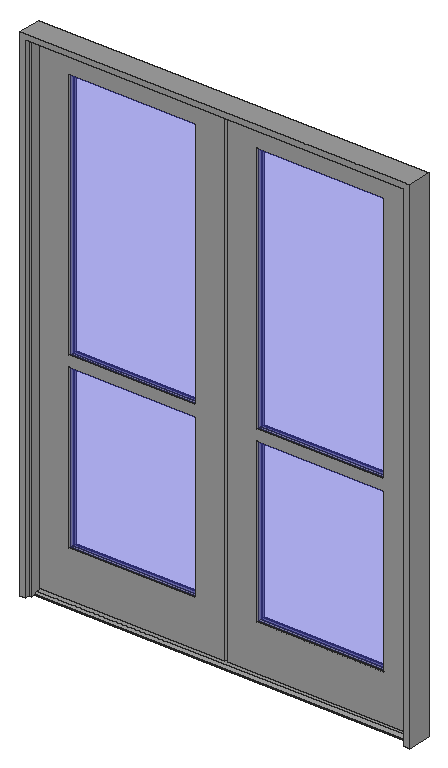
Revit family "WS-500 DOOR-Double-1-CW_v04", category Curtain Panels, Revit 2015
Parameters
  Width [instance] = 6' - 2"
  URL = "obe.com"
  Rough Width [instance] = 6' - 0"
  Panel Width [instance] = Min Panel Width  # 6' - 0"
  Panel Offset [instance] = 0' - 0"
  Offset [instance] = 0' - 0"
  Model = "WS-500 DOOR"
  Min Rough Width [instance] = if(Rough Width > 6' 1 255/256", Rough Width, 6' 2")  # 6' - 2"
  Min Panel Width [instance] = if(Rough Width > 6' 1 255/256", Rough Width - 0' 2", 6' 0")  # 6' - 0"
  Manufacturer = "Oldcastle BuildingEnvelope®"
  Keynote = "08 11 00"
  Hinge [instance] = yes
  Height [instance] = 8' - 0"
  Pushbar Height [instance] = 3' - 5 1/4"  # constant formula
  Glass Material = Glass
  Frame Material = Aluminum
  Door Panel Height [instance] = Height - 0' 0 5/8"  # 7' - 11 3/8"
  Description = "WS-500 - 1\" Door Infill"
  Assembly Code = "B2030"
  Analytic Construction = "<None>"
  8 Muntin [instance] = no
  6.5 Muntin [instance] = no
  10 Bottom Rail [instance] = not([8 Bottom Rail])  # no
  4 Muntin [instance] = no
  8 Bottom Rail [instance] = yes
  1.875 Muntin [instance] = no
  0.5 Muntin [instance] = if(or([1.875 Muntin], [4 Muntin], [6.5 Muntin], [8 Muntin]), 1 = 2, 1 = 1)  # yes
Reference planes (in)
  plane 1 "Front": y = 0
  plane 2: z = 0
  plane 3 "Center (Left/Right)": x = 0
  plane 4 "Left": x = -37
  plane 5 "Right": x = 37
  plane 6 "Top": z = 96
  plane 7 "Offset": y = 0
  plane 8: y = -1.28244
  plane 9: y = -1.28244
  plane 10: x = -37
  plane 11: x = 37
Forms (in)
  Sweep 1, solid, material "Aluminum" <- "Frame Material"
    path origin (0, 0, 0) x (-1, 0, 0) y (0, 0, 1)
      loop
        line (37, 0) -> (37, 96)
    profile origin (-37, 0, 48) x (1, 0, 0) y (0, 1, 0)
      loop
        line (1, -1.97) -> (1, 0) -> (0, 0) -> (0, -4.5) -> (1, -4.5) -> (1, -3.595) -> (1.5, -3.595) -> (1.5, -1.97) -> (1, -1.97)
  Sweep 2, solid, material "Aluminum" <- "Frame Material"
    path origin (0, 0, 0) x (-1, 0, 0) y (0, 0, 1)
      loop
        line (-37, 0) -> (-37, 96)
    profile origin (37, 0, 48) x (1, 0, 0) y (0, 1, 0)
      loop
        line (-1, -1.97) -> (-1.5, -1.97) -> (-1.5, -3.595) -> (-1, -3.595) -> (-1, -4.5) -> (0, -4.5) -> (0, 0) -> (-1, 0) -> (-1, -1.97)
  Extrusion 3, solid, material "Aluminum" <- "Frame Material"
    sketch origin (-37, 0, 0) x (0, -1, 0) y (0, 0, 1)
      loop
        line (1.97, 94.5) -> (3.595, 94.5) -> (3.595, 95) -> (4.5, 95) -> (4.5, 96) -> (0, 96) -> (0, 95) -> (1.97, 95) -> (1.97, 94.5)
    from -74 to 0
Cuts and joins
  joined: Sweep 1, Sweep 2, Extrusion 3
Text (in)
  text "Exterior" at (-54.29358, 31.38743, 0), in view "Ref. Level"
  text "Exterior" at (480, 41.53993, 89.60405), in view "Right"
  text "Exterior" at (-240, 57.82419, 105.78864), in view "Left"
Dimensions and locks (in)
  equal spacing: plane 4 "Left", plane 3 "Center (Left/Right)", plane 5 "Right"
  "Width": plane 4 "Left" to plane 5 "Right"
  "Height": plane 6 "Top" to plane 2
  "Offset": plane 1 "Front" to plane 7 "Offset"
  locked: plane 7 "Offset" to plane 8 at 1.28244
  locked: plane 7 "Offset" to plane 9 at 1.28244
  locked: plane 7 "Offset" to nested 4 at 1.28244
  Extrusion 3 sketch curve to Extrusion 3 sketch curve to Extrusion 3 sketch curve = 0' - 0 1/2" locked, 0' - 0" locked
  nested 1 to Extrusion 3 sketch curve to Extrusion 3 sketch curve to Extrusion 3 sketch curve to Extrusion 3 sketch curve = 0' - 0" locked, 0' - 1.97" locked, 0' - 1 5/8" locked, 0' - 0.905" locked
  locked: Extrusion 3 sketch curve to Extrusion 3 sketch curve at 1
  equal spacing: plane 10, plane 3 "Center (Left/Right)", plane 11
  "Min Rough Width": plane 10 to plane 11
  aligned and locked: level to plane 2
  aligned and locked: plane 3 "Center (Left/Right)" to nested 1
  aligned and locked: nested 1 to plane 7 "Offset"
  aligned and locked: nested 2 to plane 8
  aligned and locked: plane 9 to nested 3
  aligned and locked: plane 6 "Top" to Sweep 1 sketch curve
  aligned and locked: level to Sweep 1 sketch curve
  aligned and locked: plane 6 "Top" to Sweep 2 sketch curve
  aligned and locked: level to Sweep 2 sketch curve
  aligned and locked: plane 6 "Top" to nested 4
  aligned and locked: Extrusion 3 to plane 6 "Top"
  aligned and locked: Extrusion 3 sketch curve to plane 6 "Top"
  aligned and locked: nested 3 to plane 10
  aligned and locked: nested 2 to plane 11
  aligned and locked: Sweep 2 sketch curve to plane 11
  aligned and locked: Sweep 1 sketch curve to plane 10
  aligned and locked: plane 11 to cut or joined group of Sweep 1, Sweep 2, Extrusion 3
  aligned and locked: cut or joined group of Sweep 1, Sweep 2, Extrusion 3 to plane 10
Automatic sketch dimensions
  Sweep 1 sketch curve to profile plane = 0' - 0"
  Sweep 1 sketch curve to plane 7 "Offset" = 0' - 0"
  Sweep 1 sketch curve to profile plane = 0' - 1"  (x2)
  Sweep 1 sketch curve to Sweep 1 sketch curve = 0' - 0 1/2"
  Sweep 1 sketch curve to plane 7 "Offset" = 0' - 1.97"
  Sweep 1 sketch curve to Sweep 1 sketch curve = 0' - 1 5/8"
  Sweep 1 sketch curve to Sweep 1 sketch curve = 0' - 0.905"
  Sweep 2 sketch curve to plane 7 "Offset" = 0' - 0"
  Sweep 2 sketch curve to profile plane = 0' - 0"
  profile plane to Sweep 2 sketch curve = 0' - 1"  (x2)
  Sweep 2 sketch curve to Sweep 2 sketch curve = 0' - 0 1/2"
  Sweep 2 sketch curve to plane 7 "Offset" = 0' - 1.97"
  Sweep 2 sketch curve to Sweep 2 sketch curve = 0' - 1 5/8"
  Sweep 2 sketch curve to Sweep 2 sketch curve = 0' - 0.905"
Nested families (in)
  nested 1: "WS-500 DOOR-Double-1-Panel_v03" at (0, -16, 0), Frame Material <- "Frame Material", Glass Material <- "Glass Material", 0.5 Muntin <- "0.5 Muntin", 1.875 Muntin <- "1.875 Muntin", 4 Muntin <- "4 Muntin", 6.5 Muntin <- "6.5 Muntin", 8 Muntin <- "8 Muntin", Hinge <- "Hinge", Height <- "Door Panel Height", Width <- "Min Panel Width", 8 Bottom Rail <- "8 Bottom Rail", Offset <- "Panel Offset", type "WS-500 DOOR-Double-1-Panel_v03"
    with Wing Width 3' - 0", built-in parameter 1001301 6' - 0", Pushbar Height 3' - 5 1/4", Offset 0' - 0", Hinge yes, built-in parameter 1001300 7' - 11 3/8", Glass at Muntin 0' - 1 7/16", Glass Material Glass, Frame Material Aluminum, Bottom Rail 0' - 9 5/32", 8 Muntin no, 8 Bottom Rail yes, 6.5 Muntin no, 4 Muntin no, 10 Bottom Rail no, 1.875 Muntin no, 0.5 Muntin yes
  nested 2: "2.5x6-RTCIG CW-H8533-DHD-OHD SC-DI" at (37, -1.28244, 0) x (0, -1, 0) z (0, 0, 1), type "2.5x6-RTCIG CW-H8533-DHD-OHD SC-DI"
  nested 3: "2.5x6-RTCIG CW-H8533-DHD-OHD SC-DI" at (-37, -1.28244, 0) x (0, -1, 0) z (0, 0, 1), type "2.5x6-RTCIG CW-H8533-DHD-OHD SC-DI"
  nested 4: "2.5x6-RTCIG CW-H8533-DHD-OHD SC-DI" at (-33, -1.28244, 96) x (0, -1, 0) z (-1, 0, 0), type "2.5x6-RTCIG CW-H8533-DHD-OHD SC-DI"
Definition of nested family "WS-500 DOOR-Double-1-Panel_v03"
  Parameters (values of type "WS-500 DOOR-Double-1-Panel_v03")
    Wing Width [instance] = Width / 2  # 3' - 0"
    Width [instance] = 6' - 0"
    Offset [instance] = 0' - 1"
    Hinge [instance] = yes
    Height [instance] = 8' - 0"
    Glass at Muntin [instance] = if([8 Muntin], 0' 8 15/16", if([6.5 Muntin], 0' 7 7/16", if([4 Muntin], 0' 4 15/16", if([1.875 Muntin], 0' 2 13/16", 0' 1 7/16"))))  # 0' - 1 7/16"
    Pushbar Height [instance] = 3' - 5 1/4"  # constant formula
    Glass Material [instance] = none
    Frame Material [instance] = none
    Bottom Rail [instance] = if([8 Bottom Rail], 0' 9 5/32", 0' 11 5/32")  # 0' - 9 5/32"
    8 Muntin [instance] = no
    6.5 Muntin [instance] = no
    4 Muntin [instance] = no
    8 Bottom Rail [instance] = yes
    10 Bottom Rail [instance] = not([8 Bottom Rail])  # no
    1.875 Muntin [instance] = no
    0.5 Muntin [instance] = if(or([1.875 Muntin], [4 Muntin], [6.5 Muntin], [8 Muntin]), 1 = 2, 1 = 1)  # yes
  Reference planes (in)
    plane 1 "Center": y = 14.0625
    plane 2: z = 0
    plane 3 "Center (Left/Right)": x = 0
    plane 4: z = 96
    plane 5: x = 36
    plane 6: x = -36
    plane 7 "Center (Front/Back)": y = 16
    plane 8 "Exterior": y = 14.5625
    plane 9: z = 48
    plane 10: z = 90.99987
    plane 11: z = 41.96875
    plane 12: z = 40.53125
    plane 13: z = 9.15625
    plane 14 "Offset": y = 15
    plane 15: z = 41.25
  Forms (in)
    Sweep 1, solid, material <- "Frame Material"
      path origin (0, 14.0625, 0) x (1, 0, 0) y (0, 0, 1)
        loop
          line (-35.56475, 96) -> (-0.22004, 96)
      profile origin (-17.8924, 14.0625, 96) x (0, 0, 1) y (0, -1, 0)
        loop
          line (-0.53137, -0.875) -> (-0.53137, 0.875) -> (-5.28138, 0.875) -> (-5.28138, 0.5) -> (-5.00013, 0.5) -> (-5.00013, -0.5) -> (-5.28138, -0.5) -> (-5.28138, -0.875) -> (-0.53137, -0.875)
    Sweep 2, solid, material <- "Frame Material"
      path origin (0, 5, 0) x (1, 0, 0) y (0, 0, 1)
        loop
          line (-0.22004, 0) -> (-35.56475, 0)
      profile origin (-17.8924, 5, 0) x (0, 0, -1) y (0, -1, 0)
        loop
          line (-9.4375, -9.9375) -> (-0.6875, -9.9375) -> (-0.6875, -8.1875) -> (-9.4375, -8.1875) -> (-9.4375, -8.5625) -> (-9.15625, -8.5625) -> (-9.15625, -9.5625) -> (-9.4375, -9.5625) -> (-9.4375, -9.9375)
    Sweep 3, solid, material <- "Frame Material"
      path origin (0, 14.0625, 0) x (1, 0, 0) y (0, 0, 1)
        loop
          line (36, 95.46862) -> (36, 0.6875)
      profile origin (36, 14.0625, 48.07806) x (0, -1, 0) y (1, 0, 0)
        loop
          line (-0.875, -0.32625) -> (-0.875, -6.07625) -> (-0.5, -6.07625) -> (-0.5, -5.795) -> (0.5, -5.795) -> (0.5, -6.07625) -> (0.875, -6.07625) -> (0.875, -0.43525) -> (-0.875, -0.32625)
    Sweep 4, solid, material <- "Frame Material"
      path origin (0, 14.0625, 0) x (1, 0, 0) y (0, 0, 1)
        loop
          line (-36, 95.46862) -> (-36, 0.6875)
      profile origin (-36, 14.0625, 48.07806) x (0, -1, 0) y (1, 0, 0)
        loop
          line (-0.875, 0.32625) -> (0.875, 0.43525) -> (0.875, 6.07625) -> (0.5, 6.07625) -> (0.5, 5.795) -> (-0.5, 5.795) -> (-0.5, 6.07625) -> (-0.875, 6.07625) -> (-0.875, 0.32625)
    Sweep 5, solid, material <- "Frame Material"
      path origin (0, 14.0625, 0) x (1, 0, 0) y (0, 0, 1)
        loop
          line (-5.53125, 48) -> (-30.205, 48)
      profile origin (-17.86813, 14.0625, 48) x (0, 0, -1) y (0, -1, 0)
        loop
          line (7.75, -0.875) -> (7.75, -0.5) -> (7.46875, -0.5) -> (7.46875, 0.5) -> (7.75, 0.5) -> (7.75, 0.875) -> (5.75, 0.875) -> (5.75, 0.5) -> (6.03125, 0.5) -> (6.03125, -0.5) -> (5.75, -0.5) -> (5.75, -0.875) -> (7.75, -0.875)
    Sweep 6, solid, material <- "Frame Material"
      path origin (0, 14.0625, 0) x (1, 0, 0) y (0, 0, 1)
        loop
          line (0, 95.46862) -> (0, 0.6875)
      profile origin (0, 14.0625, 48.07806) x (0, -1, 0) y (1, 0, 0)
        loop
          line (-0.875, -0.22063) -> (-0.875, -5.8125) -> (-0.5, -5.8125) -> (-0.5, -5.53125) -> (0.5, -5.53125) -> (0.5, -5.8125) -> (0.875, -5.8125) -> (0.875, -0.22063)
          arc (0.875, -0.22063) -> (0, -0.0625) -> (-0.875, -0.22063) r 2.5
        loop
          arc (-0.875, 0.22063) -> (0, 0.0625) -> (0.875, 0.22063) r 2.5
          line (0.875, 0.22063) -> (0.875, 5.8125) -> (0.5, 5.8125) -> (0.5, 5.53125) -> (-0.5, 5.53125) -> (-0.5, 5.8125) -> (-0.875, 5.8125) -> (-0.875, 0.22063)
    Sweep 7, solid, material <- "Frame Material"
      path origin (0, 14.0625, 0) x (1, 0, 0) y (0, 0, 1)
        loop
          line (0.22004, 96) -> (35.56475, 96)
      profile origin (17.8924, 14.0625, 96) x (0, 0, 1) y (0, -1, 0)
        loop
          line (-0.53138, -0.875) -> (-0.53138, 0.875) -> (-5.28138, 0.875) -> (-5.28138, 0.5) -> (-5.00013, 0.5) -> (-5.00013, -0.5) -> (-5.28138, -0.5) -> (-5.28138, -0.875) -> (-0.53138, -0.875)
    Sweep 8, solid, material <- "Frame Material"
      path origin (0, 14.0625, 0) x (1, 0, 0) y (0, 0, 1)
        loop
          line (30.20979, 48) -> (5.53125, 48)
      profile origin (17.87052, 14.0625, 48) x (0, 0, -1) y (0, -1, 0)
        loop
          line (7.75, -0.875) -> (7.75, -0.5) -> (7.46875, -0.5) -> (7.46875, 0.5) -> (7.75, 0.5) -> (7.75, 0.875) -> (5.75, 0.875) -> (5.75, 0.5) -> (6.03125, 0.5) -> (6.03125, -0.5) -> (5.75, -0.5) -> (5.75, -0.875) -> (7.75, -0.875)
    Sweep 9, solid, material <- "Frame Material"
      path origin (0, 14.0625, 0) x (1, 0, 0) y (0, 0, 1)
        loop
          line (35.56475, 0) -> (0.22004, 0)
      profile origin (17.8924, 14.0625, 0) x (0, 0, -1) y (0, -1, 0)
        loop
          line (-9.4375, -0.875) -> (-0.6875, -0.875) -> (-0.6875, 0.875) -> (-9.4375, 0.875) -> (-9.4375, 0.5) -> (-9.15625, 0.5) -> (-9.15625, -0.5) -> (-9.4375, -0.5) -> (-9.4375, -0.875)
    Extrusion 10, solid, material <- "Glass Material", detail levels coarse
      sketch origin (0, 0, 0) x (1, 0, 0) y (0, 1, 0)
        loop
          line (-30.205, 14.5625) -> (-30.205, 13.5625) -> (-5.53125, 13.5625) -> (-5.53125, 14.5625) -> (-30.205, 14.5625)
      from 9.15625 to 40.53125
    Extrusion 11, solid, material <- "Glass Material", detail levels coarse
      sketch origin (0, 0, 0) x (1, 0, 0) y (0, 1, 0)
        loop
          line (5.53125, 14.5625) -> (5.53125, 13.5625) -> (30.205, 13.5625) -> (30.205, 14.5625) -> (5.53125, 14.5625)
      from 9.15625 to 40.53125
    Extrusion 12, solid, material <- "Glass Material", detail levels coarse
      sketch origin (0, 0, 0) x (1, 0, 0) y (0, 1, 0)
        loop
          line (-5.53125, 14.5625) -> (-30.205, 14.5625) -> (-30.205, 13.5625) -> (-5.53125, 13.5625) -> (-5.53125, 14.5625)
      from 41.96875 to 90.99987
    Extrusion 13, solid, material <- "Glass Material", detail levels coarse
      sketch origin (0, 0, 0) x (1, 0, 0) y (0, 1, 0)
        loop
          line (30.205, 14.5625) -> (5.53125, 14.5625) -> (5.53125, 13.5625) -> (30.205, 13.5625) -> (30.205, 14.5625)
      from 41.96875 to 90.99987
    Extrusion 14, solid, material <- "Glass Material", detail levels medium+fine
      sketch origin (0, 0, 0) x (1, 0, 0) y (0, 1, 0)
        loop
          line (-5.53125, 13.5625) -> (-5.53125, 13.8105) -> (-30.205, 13.8105) -> (-30.205, 13.5625) -> (-5.53125, 13.5625)
        loop
          line (-30.205, 14.5625) -> (-30.205, 14.3145) -> (-5.53125, 14.3145) -> (-5.53125, 14.5625) -> (-30.205, 14.5625)
      from 41.96875 to 90.99987
    Extrusion 15, solid, material <- "Glass Material", detail levels medium+fine
      sketch origin (0, 0, 0) x (1, 0, 0) y (0, 1, 0)
        loop
          line (-30.205, 13.5625) -> (-5.53125, 13.5625) -> (-5.53125, 13.8105) -> (-30.205, 13.8105) -> (-30.205, 13.5625)
        loop
          line (-5.53125, 14.5625) -> (-30.205, 14.5625) -> (-30.205, 14.3145) -> (-5.53125, 14.3145) -> (-5.53125, 14.5625)
      from 9.15625 to 40.53125
    Extrusion 16, solid, material <- "Glass Material", detail levels medium+fine
      sketch origin (0, 0, 0) x (1, 0, 0) y (0, 1, 0)
        loop
          line (5.53125, 13.5625) -> (30.205, 13.5625) -> (30.205, 13.8105) -> (5.53125, 13.8105) -> (5.53125, 13.5625)
        loop
          line (30.205, 14.5625) -> (5.53125, 14.5625) -> (5.53125, 14.3145) -> (30.205, 14.3145) -> (30.205, 14.5625)
      from 9.15625 to 40.53125
    Extrusion 17, solid, material <- "Glass Material", detail levels medium+fine
      sketch origin (0, 0, 0) x (1, 0, 0) y (0, 1, 0)
        loop
          line (30.205, 13.5625) -> (30.205, 13.8105) -> (5.53125, 13.8105) -> (5.53125, 13.5625) -> (30.205, 13.5625)
        loop
          line (5.53125, 14.5625) -> (5.53125, 14.3145) -> (30.205, 14.3145) -> (30.205, 14.5625) -> (5.53125, 14.5625)
      from 41.96875 to 90.99987
    Sweep 18, solid, material <- "Frame Material"
      path origin (0, 15, 0) x (1, 0, 0) y (0, 0, 1)
        loop
          line (-35.56475, 0) -> (35.56475, 0)
      profile origin (0, 15, 0) x (0, 0, 1) y (0, -1, 0)
        loop
          line (0.5, -0.218) -> (0.5, 2.468) -> (0.19364, 3.125) -> (0, 3.125) -> (0, -0.875) -> (0.19364, -0.875) -> (0.5, -0.218)
  Cuts and joins
    joined: Sweep 1, Sweep 2, Sweep 3, Sweep 4, Sweep 5, Sweep 6, Sweep 7, Sweep 8, Sweep 9
  Lines and regions (in)
    model lines
      curve 1: line (5.53125, 14.5625, 90.99987) -> (30.20979, 14.5625, 48)
      curve 2: line (30.20979, 14.5625, 48) -> (5.53125, 14.5625, 9.15625)
      curve 3: line (-5.53125, 14.5625, 90.99987) -> (-30.205, 14.5625, 48)
      curve 4: line (-30.205, 14.5625, 48) -> (-5.53125, 14.5625, 9.15625)
  Dimensions and locks (in)
    "Height": plane 4 to level
    "Width": plane 6 to plane 5
    equal spacing: level, plane 9, plane 4
    locked: Sweep 2 sketch curve to plane 6 at 0.43525
    locked: plane 3 "Center (Left/Right)" to Sweep 2 sketch curve at 0.22004
    locked: Sweep 3 sketch curve to plane 4 at 0.53138
    locked: Sweep 4 sketch curve to plane 4 at 0.53138
    locked: Sweep 1 sketch curve to plane 6 at 0.43525
    locked: plane 3 "Center (Left/Right)" to Sweep 1 sketch curve at 0.22004
    locked: plane 3 "Center (Left/Right)" to Sweep 5 sketch curve at 5.53125
    locked: Sweep 5 sketch curve to plane 6 at 5.795
    locked: Sweep 7 sketch curve to plane 3 "Center (Left/Right)" at 0.22004
    locked: plane 5 to Sweep 7 sketch curve at 0.43525
    locked: plane 5 to Sweep 8 sketch curve at 5.79021
    locked: Sweep 8 sketch curve to plane 3 "Center (Left/Right)" at 5.53125
    locked: plane 5 to Sweep 9 sketch curve at 0.43525
    locked: Sweep 9 sketch curve to plane 3 "Center (Left/Right)" at 0.22004
    Extrusion 11 sketch curve to plane 1 "Center" to Extrusion 11 sketch curve = 0' - 0 1/2" locked, 0' - 0 1/2" locked
    locked: Extrusion 11 sketch curve to plane 5 at 5.795
    locked: plane 3 "Center (Left/Right)" to Extrusion 11 sketch curve at 5.53125
    Extrusion 10 sketch curve to plane 1 "Center" to Extrusion 10 sketch curve = 0' - 0 1/2" locked, 0' - 0 1/2" locked
    locked: plane 6 to Extrusion 10 sketch curve at 5.795
    locked: Extrusion 10 sketch curve to plane 3 "Center (Left/Right)" at 5.53125
    locked: plane 6 to Extrusion 12 sketch curve at 5.795
    locked: Extrusion 12 sketch curve to plane 3 "Center (Left/Right)" at 5.53125
    Extrusion 12 sketch curve to plane 1 "Center" to Extrusion 12 sketch curve = 0' - 0 1/2", 0' - 0 1/2"
    Extrusion 13 sketch curve to plane 1 "Center" to Extrusion 13 sketch curve = 0' - 0 1/2" locked, 0' - 0 1/2" locked
    locked: Extrusion 13 sketch curve to plane 5 at 5.795
    locked: plane 3 "Center (Left/Right)" to Extrusion 13 sketch curve at 5.53125
    locked: Sweep 6 sketch curve to plane 4 at 0.53138
    locked: plane 13 to Sweep 2 sketch curve at 0.28125  (x2)
    locked: plane 11 to Sweep 5 sketch curve at 0.28125  (x2)
    locked: Sweep 5 sketch curve to plane 12 at 0.28125  (x2)
    "Glass at Muntin": plane 12 to plane 11
    locked: plane 10 to plane 4 at 5.00013
    Extrusion 15 sketch curve to Extrusion 15 sketch curve to plane 1 "Center" to Extrusion 15 sketch curve to Extrusion 15 sketch curve = 0' - 0.248" locked, 0' - 0.252" locked, 0' - 0.252" locked, 0' - 0.248" locked
    "Bottom Rail": plane 13 to plane 2
    locked: plane 13 to Sweep 9 sketch curve at 0.28125  (x2)
    locked: Sweep 8 sketch curve to plane 12 at 0.28125  (x2)
    locked: plane 11 to Sweep 8 sketch curve at 0.28125  (x2)
    Extrusion 16 sketch curve to Extrusion 16 sketch curve to plane 1 "Center" to Extrusion 16 sketch curve to Extrusion 16 sketch curve = 0' - 0.248" locked, 0' - 0.252" locked, 0' - 0.252" locked, 0' - 0.248" locked
    Extrusion 14 sketch curve to Extrusion 14 sketch curve to plane 1 "Center" to Extrusion 14 sketch curve to Extrusion 14 sketch curve = 0' - 0.248" locked, 0' - 0.252" locked, 0' - 0.252" locked, 0' - 0.248" locked
    Extrusion 17 sketch curve to Extrusion 17 sketch curve to plane 1 "Center" to Extrusion 17 sketch curve to Extrusion 17 sketch curve = 0' - 0.248" locked, 0' - 0.252" locked, 0' - 0.252" locked, 0' - 0.248" locked
    locked: Extrusion 17 sketch curve to plane 5 at 5.795  (x2)
    locked: plane 3 "Center (Left/Right)" to Extrusion 17 sketch curve at 5.53125  (x2)
    locked: plane 3 "Center (Left/Right)" to Extrusion 16 sketch curve at 5.53125  (x2)
    locked: Extrusion 16 sketch curve to plane 5 at 5.795  (x2)
    locked: Extrusion 14 sketch curve to plane 3 "Center (Left/Right)" at 5.53125  (x2)
    locked: plane 6 to Extrusion 14 sketch curve at 5.795  (x2)
    locked: Extrusion 15 sketch curve to plane 3 "Center (Left/Right)" at 5.53125  (x2)
    locked: plane 6 to Extrusion 15 sketch curve at 5.795  (x2)
    equal spacing: plane 6, plane 3 "Center (Left/Right)", plane 5
    plane 1 "Center" to plane 8 "Exterior" to plane 14 "Offset" = 0' - 0 1/2" locked, 0' - 0 7/16" locked
    "Offset": plane 14 "Offset" to plane 7 "Center (Front/Back)"
    equal spacing: plane 12, plane 15, plane 11
    "Pushbar Height": plane 2 to plane 15
    locked: plane 1 "Center" to nested 1 at 0.03125
    locked: plane 5 to Sweep 18 sketch curve at 0.43525
    locked: Sweep 18 sketch curve to plane 6 at 0.43525
    locked: Sweep 4 sketch curve to plane 2 at 0.6875
    locked: Sweep 6 sketch curve to plane 2 at 0.6875
    locked: Sweep 3 sketch curve to plane 2 at 0.6875
    aligned and locked: plane 2 to level
    aligned and locked: plane 3 "Center (Left/Right)" to nested 1
    aligned and locked: Sweep 2 sketch curve to level
    aligned and locked: level to nested 2
    aligned and locked: nested 2 to plane 1 "Center"
    aligned and locked: plane 5 to Sweep 3 sketch curve
    aligned and locked: plane 6 to Sweep 4 sketch curve
    aligned and locked: Sweep 5 sketch curve to plane 9
    aligned and locked: plane 3 "Center (Left/Right)" to Sweep 6 sketch curve
    aligned and locked: Sweep 9 sketch curve to level
    aligned and locked: Sweep 8 sketch curve to plane 9
    aligned and locked: plane 4 to Sweep 7 sketch curve
    aligned and locked: plane 13 to Sweep 2 sketch curve
    aligned and locked: Sweep 5 sketch curve to plane 11
    aligned and locked: Sweep 5 sketch curve to plane 12
    aligned and locked: Extrusion 11 to plane 12
    aligned and locked: plane 11 to Extrusion 13
    aligned and locked: Extrusion 13 to plane 10
    aligned and locked: plane 13 to Extrusion 10
    aligned and locked: Extrusion 10 to plane 12
    aligned and locked: plane 11 to Extrusion 12
    aligned and locked: plane 11 to Extrusion 14
    aligned and locked: Extrusion 12 to plane 10
    aligned and locked: Extrusion 14 to plane 10
    aligned and locked: cut or joined group of Sweep 1, Sweep 2, Sweep 3, Sweep 4, Sweep 5, Sweep 6, Sweep 7, Sweep 8, Sweep 9 to curve 1
    aligned and locked: cut or joined group of Sweep 1, Sweep 2, Sweep 3, Sweep 4, Sweep 5, Sweep 6, Sweep 7, Sweep 8, Sweep 9 to curve 2
    aligned and locked: curve 3 to cut or joined group of Sweep 1, Sweep 2, Sweep 3, Sweep 4, Sweep 5, Sweep 6, Sweep 7, Sweep 8, Sweep 9
    aligned and locked: Extrusion 12 to Extrusion 14
    aligned and locked: Extrusion 14 to Extrusion 12
    aligned and locked: plane 9 to curve 4
    aligned and locked: plane 9 to curve 1
    aligned and locked: Extrusion 15 to plane 12
    aligned and locked: plane 11 to Extrusion 17
    aligned and locked: Extrusion 16 to plane 12
    aligned and locked: Extrusion 17 to plane 10
    aligned and locked: plane 13 to Extrusion 11
    aligned and locked: plane 13 to Extrusion 16
    aligned and locked: plane 13 to Extrusion 15
    aligned and locked: Sweep 18 sketch curve to plane 2
  Automatic sketch dimensions
    profile plane to Sweep 1 sketch curve = 0' - 0.53137"
    Sweep 4 sketch curve to profile plane = 0' - 0.32625"
    Sweep 4 sketch curve to Sweep 4 sketch curve = 0' - 5 3/4"
    Sweep 4 sketch curve to Sweep 4 sketch curve = 0' - 0"
    Sweep 4 sketch curve to Sweep 4 sketch curve = 0' - 0 3/8"  (x2)
    Sweep 4 sketch curve to Sweep 4 sketch curve = 0' - 0 9/32"
    plane 1 "Center" to Sweep 6 sketch curve = 0' - 0"  (x2)
    profile plane to Sweep 6 sketch curve = 0' - 0.22063"  (x2)
    Sweep 6 sketch curve to plane 1 "Center" = 0' - 0 7/8"
    Sweep 6 sketch curve to Sweep 6 sketch curve = 0' - 2.34187"  (x2)
    Sweep 6 sketch curve to Sweep 6 sketch curve = 0' - 3 1/4"  (x2)
    Sweep 6 sketch curve to Sweep 6 sketch curve = 0' - 0"  (x3)
    Sweep 6 sketch curve to Sweep 6 sketch curve = 0' - 0 3/8"  (x4)
    Sweep 6 sketch curve to Sweep 6 sketch curve = 0' - 0 9/32"  (x2)
    Sweep 6 sketch curve to profile plane = 0' - 0.22063"  (x2)
    Sweep 1 sketch curve to Sweep 1 sketch curve = 0' - 4 3/4"
    Sweep 1 sketch curve to plane 1 "Center" = 0' - 0 1/2"
    Sweep 1 sketch curve to Sweep 1 sketch curve = 0' - 0 9/32"
    plane 1 "Center" to Sweep 1 sketch curve = 0' - 0 1/2"
    Sweep 1 sketch curve to Sweep 1 sketch curve = 0' - 0 3/8"
    Sweep 1 sketch curve to Sweep 1 sketch curve = 0' - 0"
    Sweep 1 sketch curve to plane 1 "Center" = 0' - 0 7/8"
    Sweep 2 sketch curve to Sweep 2 sketch curve = 0' - 0 3/8"  (x2)
    plane 1 "Center" to Sweep 2 sketch curve = 0' - 0 1/2"
    Sweep 5 sketch curve to plane 1 "Center" = 0' - 0 7/8"
    Sweep 5 sketch curve to Sweep 5 sketch curve = 0' - 0 3/8"  (x3)
    plane 1 "Center" to Sweep 5 sketch curve = 0' - 0 7/8"
    Sweep 5 sketch curve to Sweep 5 sketch curve = 0' - 0"
    profile plane to Sweep 9 sketch curve = 0' - 0 11/16"
    Sweep 9 sketch curve to Sweep 9 sketch curve = 0' - 0 3/8"  (x2)
    Sweep 9 sketch curve to Sweep 9 sketch curve = 0' - 0 9/32"
    plane 1 "Center" to Sweep 9 sketch curve = 0' - 0 1/2"
    Sweep 8 sketch curve to plane 1 "Center" = 0' - 0 7/8"
    Sweep 8 sketch curve to Sweep 8 sketch curve = 0' - 0 3/8"  (x4)
    plane 1 "Center" to Sweep 8 sketch curve = 0' - 0 7/8"
    Sweep 8 sketch curve to Sweep 8 sketch curve = 0' - 0 9/32"  (x2)
    profile plane to Sweep 7 sketch curve = 0' - 0.53138"
    Sweep 7 sketch curve to plane 1 "Center" = 0' - 0 7/8"
    Sweep 7 sketch curve to Sweep 7 sketch curve = 0' - 4 3/4"
    plane 1 "Center" to Sweep 7 sketch curve = 0' - 0 7/8"
    Sweep 7 sketch curve to Sweep 7 sketch curve = 0' - 0"
    Sweep 7 sketch curve to Sweep 7 sketch curve = 0' - 0 3/8"  (x2)
    Sweep 7 sketch curve to Sweep 7 sketch curve = 0' - 0 9/32"
    Sweep 3 sketch curve to plane 1 "Center" = 0' - 0 7/8"
    profile plane to Sweep 3 sketch curve = 0' - 6.07625"
    Sweep 3 sketch curve to Sweep 3 sketch curve = 0' - 0 3/8"  (x2)
    profile plane to Sweep 3 sketch curve = 0' - 0.32625"
    Sweep 3 sketch curve to Sweep 3 sketch curve = 0' - 0 9/32"  (x2)
    plane 1 "Center" to Sweep 3 sketch curve = 0' - 0 1/2"
    Sweep 3 sketch curve to Sweep 3 sketch curve = 0' - 0.109"
    plane 1 "Center" to Sweep 4 sketch curve = 0' - 0 1/2"
    Sweep 4 sketch curve to plane 1 "Center" = 0' - 0 1/2"
    Sweep 4 sketch curve to Sweep 4 sketch curve = 0' - 0.109"
    curve 2 to plane 13 = 0' - 0"
    curve 4 to plane 13 = 0' - 0"
    curve 3 to plane 10 = 0' - 0"
    curve 1 to plane 10 = 0' - 0"
    plane 6 to curve 3 = 0' - 5.795"
    curve 2 to plane 5 = 0' - 5.79021"
    Sweep 1 sketch curve to plane 4 = 0' - 0"
    curve 4 to plane 3 "Center (Left/Right)" = 0' - 5 17/32"
    profile plane to Sweep 2 sketch curve = 0' - 0 11/16"
    Sweep 2 sketch curve to Sweep 2 sketch curve = 0' - 1"
    Sweep 9 sketch curve to plane 1 "Center" = 0' - 0 7/8"
    Sweep 18 sketch curve to profile plane = 0' - 0.19364"  (x2)
    Sweep 18 sketch curve to plane 14 "Offset" = 0' - 0 7/8"
    Sweep 18 sketch curve to plane 14 "Offset" = 0' - 0.218"
    Sweep 18 sketch curve to Sweep 18 sketch curve = 0' - 2.686"
    Sweep 18 sketch curve to profile plane = 0' - 0"
    Sweep 18 sketch curve to profile plane = 0' - 0 1/2"
    Sweep 18 sketch curve to Sweep 18 sketch curve = 0' - 0.657"
  Nested families (in)
    nested 1: "WS-500 DOOR-Double-1-Plan View" at (0, 14.09375, 0), Width <- "Width", Wing Width <- "Wing Width", Hinge <- "Hinge", type "WS-500 DOOR-Double-1-Plan View"
      with Wing Width 3' - 0", Width 6' - 0", Hinge yes
    nested 2: "WS-500 DOOR-Double-1-Section_v02" at (0, 14.0625, 0) x (0, -1, 0) z (1, 0, 0), Height <- "Height", 0.5 Muntin <- "0.5 Muntin", 1.875 Muntin <- "1.875 Muntin", 4 Muntin <- "4 Muntin", 6.5 Muntin <- "6.5 Muntin", 8 Muntin <- "8 Muntin", 8 Bottom Rail <- "8 Bottom Rail", type "WS-500 DOOR-Double-1-Section_v02"
      with Pushbar Height 3' - 5 1/4", Height 8' - 0", Glass at Muntins 0' - 1 7/16", Bottom Rail 0' - 9 5/32", 8 Muntin no, 8 Bottom Rail yes, 6.5 Muntin no, 4 Muntin no, 10 Bottom Rail no, 1.875 Muntin no, 0.5 Muntin yes
  Definition of nested family "WS-500 DOOR-Double-1-Plan View"
    Parameters (values of type "WS-500 DOOR-Double-1-Plan View")
      Wing Width [instance] = Width / 2  # 2' - 0"
      Width [instance] = 4' - 0"
      Hinge [instance] = yes
    Reference planes (in)
      plane 1 "Center (Front/Back)": y = 0
      plane 2: z = 0
      plane 3 "Center (Left/Right)": x = 0
      plane 4: x = -24
      plane 5: x = 24
      plane 6: x = 22.68437
      plane 7: x = -22.68437
    Lines and regions (in)
      detail lines, in view "Ref. Level", not visible
        curve 1: line (-18.205, 0.5, 0) -> (-5.53125, 0.5, 0)
        curve 2: line (-18.205, -0.5, 0) -> (-5.53125, -0.5, 0)
        curve 8: line (5.53125, -0.5, 0) -> (18.205, -0.5, 0)
        curve 9: line (5.53125, 0.5, 0) -> (18.205, 0.5, 0)
        curve 27: line (5.53125, 0.252, 0) -> (18.205, 0.252, 0)
        curve 28: line (5.53125, -0.252, 0) -> (18.205, -0.252, 0)
        curve 29: line (-18.205, 0.252, 0) -> (-5.53125, 0.252, 0)
        curve 30: line (-5.53125, -0.252, 0) -> (-18.205, -0.252, 0)
      detail lines, in view "Ref. Level"
        curve 3: line (22.18437, 6.91175, 0) -> (22.18437, 18.46965, 0)
        curve 7: line (23.18437, 6.91175, 0) -> (23.18437, 18.46965, 0)
        curve 10: line (-22.18437, 6.91175, 0) -> (-22.18437, 18.49364, 0)
        curve 14: line (-23.18437, 6.91175, 0) -> (-23.18437, 18.49364, 0)
        curve 20: arc (-0.0625, 0, 0) -> (-6.36291, 17.005, 0) -> (-23.21015, 23.71586, 0) r 22.31429
        curve 21: arc (0.0625, 0, 0) -> (6.43758, 17.08856, 0) -> (23.43437, 23.70442, 0) r 22.3017
      detail lines, in view "Ref. Level", detail levels fine
        curve 4: line (22.24637, 6.91175, 0) -> (22.24637, 18.46965, 0)
        curve 5: line (22.30837, 6.91175, 0) -> (22.30837, 18.46965, 0)
        curve 6: line (22.37037, 6.91175, 0) -> (22.37037, 18.46965, 0)
        curve 11: line (-22.99837, 6.91175, 0) -> (-22.99837, 18.49364, 0)
        curve 12: line (-23.06037, 6.91175, 0) -> (-23.06037, 18.49364, 0)
        curve 13: line (-23.12237, 6.91175, 0) -> (-23.12237, 18.49364, 0)
        curve 15: line (22.99837, 6.91175, 0) -> (22.99837, 18.46965, 0)
        curve 16: line (23.06037, 6.91175, 0) -> (23.06037, 18.46965, 0)
        curve 17: line (23.12237, 6.91175, 0) -> (23.12237, 18.46965, 0)
        curve 22: line (-22.24637, 6.91175, 0) -> (-22.24637, 18.49364, 0)
        curve 23: line (-22.30837, 6.91175, 0) -> (-22.30837, 18.49364, 0)
        curve 24: line (-22.37037, 6.91175, 0) -> (-22.37037, 18.49364, 0)
      detail lines, in view "Ref. Level", detail levels medium+fine
        curve 18: line (22.43237, 6.91175, 0) -> (22.43237, 18.46965, 0)
        curve 19: line (22.93637, 6.91175, 0) -> (22.93637, 18.46965, 0)
        curve 25: line (-22.93637, 6.91175, 0) -> (-22.93637, 18.49364, 0)
        curve 26: line (-22.43237, 6.91175, 0) -> (-22.43237, 18.49364, 0)
    Dimensions and locks (in)
      locked: plane 5 to plane 6 at 1.31563
      locked: plane 4 to plane 7 at 1.31563
      "Wing Width": plane 1 "Center (Front/Back)" to nested 3
      "Wing Width": plane 1 "Center (Front/Back)" to nested 4
      "Wing Width": plane 4 to plane 3 "Center (Left/Right)"
      locked: nested 7 to plane 1 "Center (Front/Back)" at 1.13325
      locked: nested 6 to plane 1 "Center (Front/Back)" at 1.13325
      locked: nested 9 to plane 4 at 2.25
      locked: nested 5 to plane 4 at 2.25
      locked: plane 5 to nested 10 at 2.25
      locked: plane 5 to nested 8 at 2.25
      "Width": plane 4 to plane 5
      "Wing Width": plane 3 "Center (Left/Right)" to plane 5
      equal spacing: plane 4, plane 3 "Center (Left/Right)", plane 5
      aligned and locked: plane 3 "Center (Left/Right)" to nested 1
      aligned and locked: nested 1 to plane 1 "Center (Front/Back)"
      aligned and locked: plane 3 "Center (Left/Right)" to nested 2
      aligned and locked: nested 2 to plane 1 "Center (Front/Back)"
      aligned and locked: nested 3 to plane 6
      aligned and locked: plane 7 to nested 4
      aligned and locked: plane 1 "Center (Front/Back)" to nested 5
      aligned and locked: plane 7 to nested 6
      aligned and locked: nested 7 to plane 6
      aligned and locked: nested 8 to plane 1 "Center (Front/Back)"
      aligned and locked: plane 1 "Center (Front/Back)" to nested 9
      aligned and locked: nested 10 to plane 1 "Center (Front/Back)"
    Automatic sketch dimensions
      plane 1 "Center (Front/Back)" to curve 20 = 0' - 0"
      plane 1 "Center (Front/Back)" to curve 21 = 0' - 0"
      plane 7 to curve 20 = 0' - 0.35273"
      plane 6 to curve 21 = 0' - 0.3661"
      curve 20 to plane 1 "Center (Front/Back)" = 0' - 1.41887"
      curve 21 to plane 1 "Center (Front/Back)" = 0' - 1.43066"
      plane 7 to curve 24 = 0' - 0.314"
      curve 26 to curve 24 = 0' - 0.062"
      curve 25 to plane 7 = 0' - 0.252"
      curve 11 to curve 25 = 0' - 0.062"
      curve 12 to curve 11 = 0' - 0.062"
      curve 13 to curve 12 = 0' - 0.062"
      curve 14 to curve 13 = 0' - 0.062"
      curve 20 to plane 7 = 0' - 0.52579"
      curve 24 to curve 23 = 0' - 0.062"
      curve 23 to curve 22 = 0' - 0.062"
      curve 22 to curve 10 = 0' - 0.062"
      plane 1 "Center (Front/Back)" to curve 2 = 0' - 0 1/2"
      plane 7 to curve 2 = 0' - 4.47936"
      curve 30 to curve 2 = 0' - 0"  (x2)
      curve 29 to plane 1 "Center (Front/Back)" = 0' - 0.252"
      curve 29 to curve 30 = 0' - 0"
      curve 1 to curve 29 = 0' - 0"
      curve 1 to plane 1 "Center (Front/Back)" = 0' - 0 1/2"
      curve 1 to plane 3 "Center (Left/Right)" = 0' - 5 17/32"
      curve 2 to curve 1 = 0' - 0"
      curve 29 to curve 1 = 0' - 0"
      curve 20 to plane 3 "Center (Left/Right)" = 0' - 0 1/16"
      plane 3 "Center (Left/Right)" to curve 21 = 0' - 0 1/16"
      curve 27 to plane 1 "Center (Front/Back)" = 0' - 0.252"
      curve 21 to curve 27 = 0' - 5 15/32"
      curve 8 to curve 27 = 0' - 0"
      curve 9 to curve 27 = 0' - 0"  (x2)
      curve 28 to curve 8 = 0' - 0"
      plane 1 "Center (Front/Back)" to curve 28 = 0' - 0.252"
      curve 28 to curve 21 = 0' - 4 29/256"
      curve 27 to curve 28 = 0' - 0"
      curve 8 to curve 28 = 0' - 0"
      plane 6 to curve 3 = 0' - 0 1/2"
      curve 3 to curve 4 = 0' - 0.062"
      curve 4 to curve 5 = 0' - 0.062"
      curve 5 to curve 6 = 0' - 0.062"
      curve 6 to curve 18 = 0' - 0.062"
      curve 19 to plane 6 = 0' - 0.252"
      curve 19 to curve 15 = 0' - 0.062"
      curve 15 to curve 16 = 0' - 0.062"
      curve 16 to curve 17 = 0' - 0.062"
      curve 17 to curve 7 = 0' - 0.062"
      curve 21 to plane 5 = 0' - 0.56563"
      curve 2 to curve 30 = 0' - 0.248"
      curve 8 to curve 28 = 0' - 0.248"
      curve 27 to curve 9 = 0' - 0.248"
      curve 20 to curve 11 = 0' - 5.49288"
      curve 11 to curve 24 = 0' - 0"
      curve 12 to curve 11 = 0' - 0"  (x2)
      curve 21 to curve 4 = 0' - 5.48109"
      curve 13 to curve 12 = 0' - 0"  (x2)
      curve 26 to curve 24 = 0' - 0"  (x2)
      curve 14 to curve 13 = 0' - 0"  (x2)
      curve 3 to curve 4 = 0' - 0"  (x2)
      curve 4 to curve 15 = 0' - 0"
      curve 24 to curve 23 = 0' - 0"  (x2)
      curve 15 to curve 16 = 0' - 0"  (x2)
      curve 4 to curve 6 = 0' - 0"
      curve 16 to curve 17 = 0' - 0"  (x2)
      curve 23 to curve 22 = 0' - 0"  (x2)
      curve 6 to curve 18 = 0' - 0"  (x2)
      curve 4 to curve 5 = 0' - 0"  (x2)
      curve 19 to curve 15 = 0' - 0"  (x2)
      curve 17 to curve 7 = 0' - 0"  (x2)
      curve 22 to curve 10 = 0' - 0"  (x2)
      curve 11 to curve 25 = 0' - 0"
      curve 16 to curve 21 = 0' - 5.23477"
      curve 18 to curve 16 = 0' - 0"
      curve 5 to curve 6 = 0' - 0"
      curve 24 to curve 20 = 0' - 5.22222"
      curve 25 to curve 24 = 0' - 0"
      curve 14 to curve 25 = 0' - 0"
    Nested families (in)
      nested 1: "M STILE L-DI" at (0, 0, 0) x (-1, 0, 0) z (0, 0, 1), type "M STILE L-DI", in view "Ref. Level", not visible
      nested 2: "M STILE R-DI" at (0, 0, 0) x (-1, 0, 0) z (0, 0, 1), type "M STILE R-DI", in view "Ref. Level", not visible
      nested 3: "M STILE R-DI" at (22.68437, 24, 0) x (0, 1, 0) z (0, 0, 1), type "M STILE R-DI", in view "Ref. Level"
      nested 4: "M STILE R-DI" at (-22.68437, 24, 0) x (0, 1, 0) z (0, 0, 1), type "M STILE R-DI", in view "Ref. Level"
      nested 5: "HINGE-DI" at (-26.25, 0, 0), visible <- "Hinge", type "HINGE-DI", in view "Ref. Level"
      nested 6: "HINGE-HD-DI" at (-22.68437, -1.13325, 0) x (0, 1, 0) z (0, 0, 1), type "HINGE-HD-DI", in view "Ref. Level"
      nested 7: "HINGE-HD-DI" at (22.68437, -1.13325, 0) x (0, 1, 0) z (0, 0, 1), type "HINGE-HD-DI", in view "Ref. Level"
      nested 8: "HINGE-DI" at (26.25, 0, 0) x (-1, 0, 0) z (0, 0, 1), visible <- "Hinge", type "HINGE-DI", in view "Ref. Level"
      nested 9: "HINGE-HD-DI" at (-26.25, 0, 0), type "HINGE-HD-DI", in view "Ref. Level", not visible
      nested 10: "HINGE-HD-DI" at (26.25, 0, 0) x (-1, 0, 0) z (0, 0, 1), type "HINGE-HD-DI", in view "Ref. Level", not visible
    Definition of nested family "M STILE L-DI"
      Reference planes (in)
        plane 1 "Center (Front/Back)": y = 0
        plane 2: z = 0
        plane 3 "Center (Left/Right)": x = 0
      Lines and regions (in)
        detail lines, in view "Ref. Level"
          curve 1: line (0.22063, 0.875, 0) -> (5.8125, 0.875, 0)
          curve 2: line (5.8125, 0.875, 0) -> (5.8125, 0.5, 0)
          curve 3: line (5.8125, 0.5, 0) -> (5.53125, 0.5, 0)
          curve 4: line (5.53125, 0.5, 0) -> (5.53125, -0.5, 0)
          curve 5: line (5.53125, -0.5, 0) -> (5.8125, -0.5, 0)
          curve 6: line (5.8125, -0.5, 0) -> (5.8125, -0.875, 0)
          curve 7: line (5.8125, -0.875, 0) -> (0.22063, -0.875, 0)
          curve 8: arc (0.22063, 0.875, 0) -> (0.0625, 0, 0) -> (0.22063, -0.875, 0) r 2.5
    Definition of nested family "M STILE R-DI"
      Reference planes (in)
        plane 1 "Center (Front/Back)": y = 0
        plane 2: z = 0
        plane 3 "Center (Left/Right)": x = 0
      Lines and regions (in)
        detail lines, in view "Ref. Level"
          curve 1: line (-5.8125, 0.5, 0) -> (-5.53125, 0.5, 0)
          curve 2: line (-5.53125, 0.5, 0) -> (-5.53125, -0.5, 0)
          curve 3: line (-5.53125, -0.5, 0) -> (-5.8125, -0.5, 0)
          curve 4: line (-5.8125, -0.5, 0) -> (-5.8125, -0.875, 0)
          curve 5: line (-5.8125, -0.875, 0) -> (-0.22063, -0.875, 0)
          curve 6: line (-0.22063, 0.875, 0) -> (-5.8125, 0.875, 0)
          curve 7: line (-5.8125, 0.875, 0) -> (-5.8125, 0.5, 0)
          curve 8: arc (-0.22063, 0.875, 0) -> (-0.0625, 0, 0) -> (-0.22063, -0.875, 0) r 2.5
    Definition of nested family "HINGE-DI"
      Reference planes (in)
        plane 1 "Center (Front/Back)": y = 0
        plane 2: z = 0
        plane 3 "Center (Left/Right)": x = 0
    Definition of nested family "HINGE-HD-DI"
      Reference planes (in)
        plane 1 "Center (Front/Back)": y = 0
        plane 2: z = 0
        plane 3 "Center (Left/Right)": x = 0
      Lines and regions (in)
        detail lines, in view "Ref. Level"
          curve 1: line (2.68525, 0.875, 0) -> (8.32625, 0.875, 0)
          curve 2: line (8.32625, 0.875, 0) -> (8.32625, 0.5, 0)
          curve 3: line (8.32625, 0.5, 0) -> (8.045, 0.5, 0)
          curve 4: line (8.045, 0.5, 0) -> (8.045, -0.5, 0)
          curve 5: line (8.045, -0.5, 0) -> (8.32625, -0.5, 0)
          curve 6: line (8.32625, -0.5, 0) -> (8.32625, -0.875, 0)
          curve 7: line (8.32625, -0.875, 0) -> (2.57625, -0.875, 0)
          curve 8: line (2.57625, -0.875, 0) -> (2.68525, 0.875, 0)
  Definition of nested family "WS-500 DOOR-Double-1-Section_v02"
    Parameters (values of type "WS-500 DOOR-Double-1-Section_v02")
      Height [instance] = 8' - 0"
      Glass at Muntins [instance] = if([8 Muntin], 0' 8 15/16", if([6.5 Muntin], 0' 7 7/16", if([4 Muntin], 0' 4 15/16", if([1.875 Muntin], 0' 2 13/16", 0' 1 7/16"))))  # 0' - 8 15/16"
      Pushbar Height [instance] = 3' - 5 1/4"  # constant formula
      Bottom Rail [instance] = if([10 Bottom Rail], 0' 11 5/32", 0' 9 5/32")  # 0' - 11 5/32"
      8 Muntin [instance] = yes
      6.5 Muntin [instance] = no
      10 Bottom Rail [instance] = not([8 Bottom Rail])  # yes
      4 Muntin [instance] = no
      8 Bottom Rail [instance] = no
      1.875 Muntin [instance] = no
      0.5 Muntin [instance] = if(or([1.875 Muntin], [4 Muntin], [6.5 Muntin], [8 Muntin]), 1 = 2, 1 = 1)  # no
    Reference planes (in)
      plane 1 "Center (Front/Back)": y = 0
      plane 2: z = 0
      plane 3 "Center (Left/Right)": x = 0
      plane 4: y = 11.15625
      plane 5: y = 90.99987
      plane 6: y = 96
      plane 7: y = 45.71875
      plane 8: y = 36.78125
      plane 9: y = 46
      plane 10: y = 41.25
      plane 11: y = 45.25
      plane 12: y = 44
      plane 13: y = 43.25
      plane 14: y = 42.25
      plane 15: y = 42.9325
    Lines and regions (in)
      detail lines, in view "Ref. Level"
        curve 1: line (-0.5, 90.99987, 0) -> (-0.5, 45.71875, 0)
        curve 5: line (0.5, 90.99987, 0) -> (0.5, 45.71875, 0)
        curve 6: line (0.5, 36.78125, 0) -> (0.5, 11.15625, 0)
        curve 10: line (-0.5, 36.78125, 0) -> (-0.5, 11.15625, 0)
      detail lines, in view "Ref. Level", detail levels fine
        curve 2: line (-0.438, 90.99987, 0) -> (-0.438, 45.71875, 0)
        curve 3: line (-0.314, 90.99987, 0) -> (-0.314, 45.71875, 0)
        curve 4: line (-0.376, 90.99987, 0) -> (-0.376, 45.71875, 0)
        curve 7: line (-0.314, 36.78125, 0) -> (-0.314, 11.15625, 0)
        curve 8: line (-0.376, 36.78125, 0) -> (-0.376, 11.15625, 0)
        curve 9: line (-0.438, 36.78125, 0) -> (-0.438, 11.15625, 0)
        curve 11: line (0.314, 90.99987, 0) -> (0.314, 45.71875, 0)
        curve 12: line (0.438, 90.99987, 0) -> (0.438, 45.71875, 0)
        curve 13: line (0.376, 90.99987, 0) -> (0.376, 45.71875, 0)
        curve 16: line (0.438, 36.78125, 0) -> (0.438, 11.15625, 0)
        curve 17: line (0.376, 36.78125, 0) -> (0.376, 11.15625, 0)
        curve 18: line (0.314, 36.78125, 0) -> (0.314, 11.15625, 0)
      detail lines, in view "Ref. Level", detail levels medium+fine
        curve 14: line (-0.252, 90.99987, 0) -> (-0.252, 45.71875, 0)
        curve 15: line (0.252, 90.99987, 0) -> (0.252, 45.71875, 0)
        curve 19: line (0.252, 36.78125, 0) -> (0.252, 11.15625, 0)
        curve 20: line (-0.252, 36.78125, 0) -> (-0.252, 11.15625, 0)
    Dimensions and locks (in)
      "Bottom Rail": plane 4 to plane 1 "Center (Front/Back)"
      "Height": plane 6 to plane 1 "Center (Front/Back)"
      nested 1 to plane 6 to plane 5 = 0' - 3.09363" locked, 0' - 5.00013" locked
      "Glass at Muntins": plane 8 to plane 7
      equal spacing: plane 8, plane 10, plane 7
      plane 10 to plane 14 to plane 15 to plane 13 to plane 12 to plane 11 to plane 9 = 0' - 1" locked, 0' - 0.6825" locked, 0' - 0.3175" locked, 0' - 0 3/4" locked, 0' - 1 1/4" locked, 0' - 0 3/4" locked
      "Pushbar Height": plane 1 "Center (Front/Back)" to plane 10
      aligned and locked: plane 5 to curve 2
      aligned and locked: plane 5 to curve 1
      aligned and locked: plane 3 "Center (Left/Right)" to nested 1
      aligned and locked: plane 3 "Center (Left/Right)" to nested 2
      aligned and locked: plane 4 to curve 10
      aligned and locked: plane 4 to curve 9
      aligned and locked: plane 4 to curve 6
      aligned and locked: plane 4 to curve 7
      aligned and locked: plane 4 to curve 8
      aligned and locked: plane 5 to curve 5
      aligned and locked: plane 5 to curve 4
      aligned and locked: plane 5 to curve 3
      aligned and locked: plane 3 "Center (Left/Right)" to nested 3
      aligned and locked: plane 3 "Center (Left/Right)" to nested 4
      aligned and locked: plane 7 to curve 1
      aligned and locked: plane 7 to curve 2
      aligned and locked: plane 7 to curve 3
      aligned and locked: plane 7 to curve 4
      aligned and locked: plane 7 to curve 5
      aligned and locked: plane 8 to curve 6
      aligned and locked: plane 8 to curve 7
      aligned and locked: plane 8 to curve 8
      aligned and locked: plane 8 to curve 9
      aligned and locked: plane 8 to curve 10
      aligned and locked: plane 3 "Center (Left/Right)" to nested 5
      aligned and locked: plane 3 "Center (Left/Right)" to nested 6
      aligned and locked: plane 3 "Center (Left/Right)" to nested 7
      aligned and locked: plane 3 "Center (Left/Right)" to nested 8
      aligned and locked: plane 5 to curve 14
      aligned and locked: plane 5 to curve 15
      aligned and locked: plane 5 to curve 11
      aligned and locked: plane 5 to curve 13
      aligned and locked: plane 5 to curve 12
      aligned and locked: plane 1 "Center (Front/Back)" to nested 3
      aligned and locked: plane 1 "Center (Front/Back)" to nested 2
      aligned and locked: plane 4 to curve 20
      aligned and locked: plane 4 to curve 19
      aligned and locked: plane 4 to curve 17
      aligned and locked: plane 4 to curve 18
      aligned and locked: plane 4 to curve 16
      aligned and locked: plane 8 to curve 20
      aligned and locked: plane 8 to curve 19
      aligned and locked: plane 8 to curve 18
      aligned and locked: plane 8 to curve 17
      aligned and locked: plane 8 to curve 16
      aligned and locked: plane 9 to nested 8
      aligned and locked: plane 11 to nested 7
      aligned and locked: plane 12 to nested 6
      aligned and locked: plane 14 to nested 4
      aligned and locked: plane 15 to nested 5
    Automatic sketch dimensions
      plane 7 to curve 14 = 0' - 0"
      plane 7 to curve 15 = 0' - 0"
      plane 7 to curve 11 = 0' - 0"
      plane 7 to curve 13 = 0' - 0"
      plane 7 to curve 12 = 0' - 0"
      curve 1 to plane 3 "Center (Left/Right)" = 0' - 0 1/2"
      curve 10 to plane 3 "Center (Left/Right)" = 0' - 0 1/2"
      curve 10 to curve 9 = 0' - 0.062"
      curve 1 to curve 2 = 0' - 0.062"
      curve 2 to curve 4 = 0' - 0.062"
      curve 9 to curve 8 = 0' - 0.062"
      curve 8 to curve 7 = 0' - 0.062"
      curve 4 to curve 3 = 0' - 0.062"
      curve 3 to curve 14 = 0' - 0.062"
      curve 7 to curve 20 = 0' - 0.062"
      plane 3 "Center (Left/Right)" to curve 19 = 0' - 0.252"
      plane 3 "Center (Left/Right)" to curve 15 = 0' - 0.252"
      curve 15 to curve 11 = 0' - 0.062"
      curve 19 to curve 18 = 0' - 0.062"
      curve 11 to curve 13 = 0' - 0.062"
      curve 18 to curve 17 = 0' - 0.062"
      curve 13 to curve 12 = 0' - 0.062"
      curve 17 to curve 16 = 0' - 0.062"
      curve 16 to curve 6 = 0' - 0.062"
      curve 12 to curve 5 = 0' - 0.062"
    Nested families (in)
      nested 1: "TOP RAIL-DI" at (0, 99.09363, 0), type "TOP RAIL-DI", in view "Ref. Level"
      nested 2: "8 BOT RAIL-DI" at (0, 9.4375, 0), visible <- "8 Bottom Rail", type "8 BOT RAIL-DI", in view "Ref. Level"
      nested 3: "10 BOT RAIL-DI" at (0, 11.4375, 0), visible <- "10 Bottom Rail", type "10 BOT RAIL-DI", in view "Ref. Level"
      nested 4: "0.5 MUNTIN-DI" at (0, 42.25, 0), visible <- "0.5 Muntin", type "0.5 MUNTIN-DI", in view "Ref. Level"
      nested 5: "1.875 MUNTIN-DI" at (0, 42.9325, 0), visible <- "1.875 Muntin", type "1.875 MUNTIN-DI", in view "Ref. Level"
      nested 6: "4 MUNTIN-DI" at (0, 44, 0), visible <- "4 Muntin", type "4 MUNTIN-DI", in view "Ref. Level"
      nested 7: "6.5 MUNTIN-DI" at (0, 45.25, 0), visible <- "6.5 Muntin", type "6.5 MUNTIN-DI", in view "Ref. Level"
      nested 8: "8 MUNTIN-DI" at (0, 46, 0), visible <- "8 Muntin", type "8 MUNTIN-DI", in view "Ref. Level"
    Definition of nested family "TOP RAIL-DI"
      Reference planes (in)
        plane 1 "Center (Front/Back)": y = 0
        plane 2: z = 0
        plane 3 "Center (Left/Right)": x = 0
      Lines and regions (in)
        detail lines, in view "Ref. Level"
          curve 1: line (-0.875, -3.625, 0) -> (0.875, -3.625, 0)
          curve 2: line (0.875, -3.625, 0) -> (0.875, -8.375, 0)
          curve 3: line (0.875, -8.375, 0) -> (0.5, -8.375, 0)
          curve 4: line (0.5, -8.375, 0) -> (0.5, -8.09375, 0)
          curve 5: line (0.5, -8.09375, 0) -> (-0.5, -8.09375, 0)
          curve 6: line (-0.5, -8.09375, 0) -> (-0.5, -8.375, 0)
          curve 7: line (-0.5, -8.375, 0) -> (-0.875, -8.375, 0)
          curve 8: line (-0.875, -8.375, 0) -> (-0.875, -3.625, 0)
    Definition of nested family "8 BOT RAIL-DI"
      Reference planes (in)
        plane 1 "Center (Front/Back)": y = 0
        plane 2: z = 0
        plane 3 "Center (Left/Right)": x = 0
      Lines and regions (in)
        detail lines, in view "Ref. Level"
          curve 1: line (-0.875, 0, 0) -> (-0.875, -8.75, 0)
          curve 2: line (-0.875, -8.75, 0) -> (0.875, -8.75, 0)
          curve 3: line (0.875, -8.75, 0) -> (0.875, 0, 0)
          curve 4: line (0.875, 0, 0) -> (0.5, 0, 0)
          curve 5: line (0.5, 0, 0) -> (0.5, -0.28125, 0)
          curve 6: line (0.5, -0.28125, 0) -> (-0.5, -0.28125, 0)
          curve 7: line (-0.5, -0.28125, 0) -> (-0.5, 0, 0)
          curve 8: line (-0.5, 0, 0) -> (-0.875, 0, 0)
          curve 9: line (1.5305, -8.9375, 0) -> (-1.1555, -8.9375, 0)
          curve 10: line (-1.1555, -8.9375, 0) -> (-1.8125, -9.24386, 0)
          curve 11: line (-1.8125, -9.24386, 0) -> (-1.8125, -9.43749, 0)
          curve 12: line (-1.8125, -9.43749, 0) -> (2.1875, -9.43749, 0)
          curve 13: line (2.1875, -9.43749, 0) -> (2.1875, -9.24386, 0)
          curve 14: line (2.1875, -9.24386, 0) -> (1.5305, -8.9375, 0)
    Definition of nested family "10 BOT RAIL-DI"
      Reference planes (in)
        plane 1 "Center (Front/Back)": y = 0
        plane 2: z = 0
        plane 3 "Center (Left/Right)": x = 0
      Lines and regions (in)
        detail lines, in view "Ref. Level"
          curve 1: line (-1.1555, -10.9375, 0) -> (1.5305, -10.9375, 0)
          curve 2: line (1.5305, -10.9375, 0) -> (2.1875, -11.24386, 0)
          curve 3: line (2.1875, -11.24386, 0) -> (2.1875, -11.43749, 0)
          curve 4: line (2.1875, -11.43749, 0) -> (-1.8125, -11.43749, 0)
          curve 5: line (-1.8125, -11.43749, 0) -> (-1.8125, -11.24386, 0)
          curve 6: line (-1.8125, -11.24386, 0) -> (-1.1555, -10.9375, 0)
          curve 7: line (-0.875, -10.75, 0) -> (0.875, -10.75, 0)
          curve 8: line (0.875, -10.75, 0) -> (0.875, 0, 0)
          curve 9: line (0.875, 0, 0) -> (0.5, 0, 0)
          curve 10: line (0.5, 0, 0) -> (0.5, -0.28125, 0)
          curve 11: line (0.5, -0.28125, 0) -> (-0.5, -0.28125, 0)
          curve 12: line (-0.5, -0.28125, 0) -> (-0.5, 0, 0)
          curve 13: line (-0.5, 0, 0) -> (-0.875, 0, 0)
          curve 14: line (-0.875, 0, 0) -> (-0.875, -10.75, 0)
    Definition of nested family "0.5 MUNTIN-DI"
      Reference planes (in)
        plane 1 "Center (Front/Back)": y = 0
        plane 2: z = 0
        plane 3 "Center (Left/Right)": x = 0
    Definition of nested family "1.875 MUNTIN-DI"
      Reference planes (in)
        plane 1 "Center (Front/Back)": y = 0
        plane 2: z = 0
        plane 3 "Center (Left/Right)": x = 0
      Lines and regions (in)
        detail lines, in view "Ref. Level"
          curve 1: line (-0.875, 0, 0) -> (-0.5, 0, 0)
          curve 2: line (-0.5, 0, 0) -> (-0.5, -0.28125, 0)
          curve 3: line (-0.5, -0.28125, 0) -> (0.5, -0.28125, 0)
          curve 4: line (0.5, -0.28125, 0) -> (0.5, 0, 0)
          curve 5: line (0.5, 0, 0) -> (0.875, 0, 0)
          curve 6: line (0.875, 0, 0) -> (0.875, -3.365, 0)
          curve 7: line (0.875, -3.365, 0) -> (0.5, -3.365, 0)
          curve 8: line (0.5, -3.365, 0) -> (0.5, -3.08375, 0)
          curve 9: line (0.5, -3.08375, 0) -> (-0.5, -3.08375, 0)
          curve 10: line (-0.5, -3.08375, 0) -> (-0.5, -3.365, 0)
          curve 11: line (-0.5, -3.365, 0) -> (-0.875, -3.365, 0)
          curve 12: line (-0.875, -3.365, 0) -> (-0.875, 0, 0)
    Definition of nested family "4 MUNTIN-DI"
      Reference planes (in)
        plane 1 "Center (Front/Back)": y = 0
        plane 2: z = 0
        plane 3 "Center (Left/Right)": x = 0
      Lines and regions (in)
        detail lines, in view "Ref. Level"
          curve 1: line (-0.875, 0, 0) -> (-0.875, -5.5, 0)
          curve 2: line (-0.875, -5.5, 0) -> (-0.5, -5.5, 0)
          curve 3: line (-0.5, -5.5, 0) -> (-0.5, -5.21875, 0)
          curve 4: line (-0.5, -5.21875, 0) -> (0.5, -5.21875, 0)
          curve 5: line (0.5, -5.21875, 0) -> (0.5, -5.5, 0)
          curve 6: line (0.5, -5.5, 0) -> (0.875, -5.5, 0)
          curve 7: line (0.875, -5.5, 0) -> (0.875, 0, 0)
          curve 8: line (0.875, 0, 0) -> (0.5, 0, 0)
          curve 9: line (0.5, 0, 0) -> (0.5, -0.28125, 0)
          curve 10: line (0.5, -0.28125, 0) -> (-0.5, -0.28125, 0)
          curve 11: line (-0.5, -0.28125, 0) -> (-0.5, 0, 0)
          curve 12: line (-0.5, 0, 0) -> (-0.875, 0, 0)
    Definition of nested family "6.5 MUNTIN-DI"
      Reference planes (in)
        plane 1 "Center (Front/Back)": y = 0
        plane 2: z = 0
        plane 3 "Center (Left/Right)": x = 0
      Lines and regions (in)
        detail lines, in view "Ref. Level"
          curve 1: line (-0.875, 0, 0) -> (-0.5, 0, 0)
          curve 2: line (-0.5, 0, 0) -> (-0.5, -0.28125, 0)
          curve 3: line (-0.5, -0.28125, 0) -> (0.5, -0.28125, 0)
          curve 4: line (0.5, -0.28125, 0) -> (0.5, 0, 0)
          curve 5: line (0.5, 0, 0) -> (0.875, 0, 0)
          curve 6: line (0.875, 0, 0) -> (0.875, -8, 0)
          curve 7: line (0.875, -8, 0) -> (0.5, -8, 0)
          curve 8: line (0.5, -8, 0) -> (0.5, -7.71875, 0)
          curve 9: line (0.5, -7.71875, 0) -> (-0.5, -7.71875, 0)
          curve 10: line (-0.5, -7.71875, 0) -> (-0.5, -8, 0)
          curve 11: line (-0.5, -8, 0) -> (-0.875, -8, 0)
          curve 12: line (-0.875, -8, 0) -> (-0.875, 0, 0)
    Definition of nested family "8 MUNTIN-DI"
      Reference planes (in)
        plane 1 "Center (Front/Back)": y = 0
        plane 2: z = 0
        plane 3 "Center (Left/Right)": x = 0
      Lines and regions (in)
        detail lines, in view "Ref. Level"
          curve 1: line (-0.875, 0, 0) -> (-0.5, 0, 0)
          curve 2: line (-0.5, 0, 0) -> (-0.5, -0.28125, 0)
          curve 3: line (-0.5, -0.28125, 0) -> (0.5, -0.28125, 0)
          curve 4: line (0.5, -0.28125, 0) -> (0.5, 0, 0)
          curve 5: line (0.5, 0, 0) -> (0.875, 0, 0)
          curve 6: line (0.875, 0, 0) -> (0.875, -9.5, 0)
          curve 7: line (0.875, -9.5, 0) -> (0.5, -9.5, 0)
          curve 8: line (0.5, -9.5, 0) -> (0.5, -9.21875, 0)
          curve 9: line (0.5, -9.21875, 0) -> (-0.5, -9.21875, 0)
          curve 10: line (-0.5, -9.21875, 0) -> (-0.5, -9.5, 0)
          curve 11: line (-0.5, -9.5, 0) -> (-0.875, -9.5, 0)
          curve 12: line (-0.875, -9.5, 0) -> (-0.875, 0, 0)
Definition of nested family "2.5x6-RTCIG CW-H8533-DHD-OHD SC-DI"
  Reference planes (in)
    plane 1 "Center (Front/Back)": y = 0
    plane 2: z = 0
    plane 3 "Center (Left/Right)": x = 0
  Lines and regions (in)
    Filled region 1, type "2.5x6.75-RC CW-SSA-SG-H1416-DHD-OHD SC-FINE-1", in view "Ref. Level", detail levels fine
      outline origin (0, 2.5, 0) x (1, 0, 0) y (0, 1, 0)
        loop
          line (-1.03244, -2.5) -> (-1.28244, -2.5)
          arc (-1.28244, -2.5) -> (-1.26095, -2.625) -> (-1.28244, -2.75) r 0.37439
